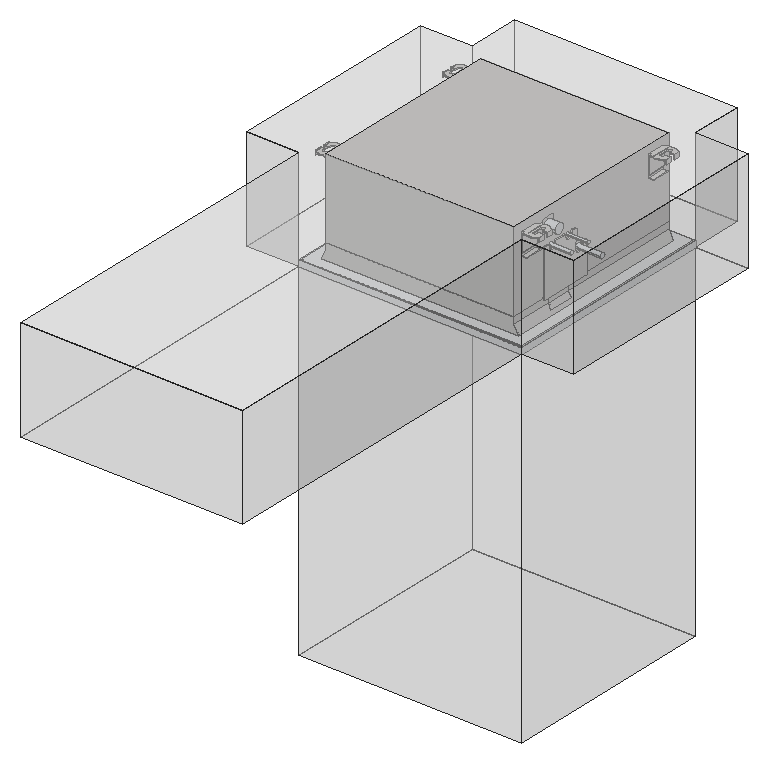
Revit family "outputfile", category 機械設備, Revit 2024
Family settings
  丸型コネクタ寸法 = 半径を使用
  種別 = なし
  パーツ タイプ = 標準
  OmniClass 番号 = 23.75.10.24.21.27.27
  OmniClass タイトル = Split System Air Conditioning Units
  作業面ベース = いいえ
  常に垂直 = はい
  ロード時にボイドで切り取り = いいえ
  注釈の向きを維持 = いいえ
  共有 = いいえ
  部屋計算ポイント = はい
Parameters (values of type "FPECQ20AVM")
  書き出し IFC クラス(タイプ) = "IfcUnitaryEquipmentType"
  定義済み IFC タイプ(タイプ) = "AIRCONDITIONINGUNIT"
  r_HP/LP Gas Pipe Size = [HP/LP Gas Pipe Size] / 2  # 4.75 mm
  製造元 = "Daikin"
  モデル = "FPECQ20AVM"
  w_power = 270.0 mm
  w_HP/LP Gas Pipe Size = 334.0 mm
  w_gaspipe = 344.0 mm
  w_drainpipe = 303.0 mm
  w_liquidpipe = 334.0 mm
  r_OAduct = 75.0 mm
  r_Liquid Pipe Size = Liquid Pipe Size / 2  # 3.2 mm
  r_Gas Pipe Size = Gas Pipe Size / 2  # 6.35 mm
  r_Drain Pipe Size = Drain Pipe Size / 2  # 13.0 mm
  lw_OA = (Width - 295.0 mm) / 2  # 172.5 mm
  lh_liquidpipe = 176.0 mm
  lh_HP/LP Gas Pipe Size = 176.0 mm
  lh_OA = 220.0 mm
  ld_HP/LP Gas Pipe Size = 150.0 mm
  ld_OA = 100.0 mm
  Voltage_comment_60Hz = "220-230"
  Voltage_comment_50Hz = "220 - 240"
  Voltage_60Hz = 220 V
  Voltage_50Hz = 230 V
  Phase_60Hz = 1
  Phase_50Hz = 1
  Minimum Circuit Amps_60Hz = 0.6 A
  Minimum Circuit Amps_50Hz = 0.6 A
  Maximum Fuse Amps_60Hz = 16.0 A
  Maximum Fuse Amps_50Hz = 16.0 A
  Material_Casing = DAIKIN_GalvanizedSteel_Casing_indoorunit
  lw_drainpipe = 50.0 mm
  lw_connection = 75.0 mm
  lh_powersuply = 27.0 mm
  lh_drainpipe = 230.0 mm
  lh_gaspipe = 129.0 mm
  ld_powersuply = 100.0 mm
  ld_liquidpipe = 90.0 mm
  ld_gaspipe = 53.0 mm
  ld_drainpipe = 157.0 mm
  h_mountinghole = 254.0 mm
  h_casing = 275.0 mm
  h_antenna = h_casing - h_mountinghole + 1.0 mm  # 22.0 mm
  d_mountinghole = 456.0 mm
  Width = 640.0 mm
  w_mountinghole = 603.0 mm
  w_branch duct connection = if(Width = 1070.0 mm, 360.0 mm, 615.0 mm)  # 615.0 mm
  w_block = if(Width = 1285.0 mm, 36.5 mm, 36.0 mm)  # 36.0 mm
  Version = "ver.1.0"
  Unit Type = "Moisture Closet Cassette"
  Unit Mass Weight = 18.00 kg
  Unit Designation [instance] = ""
  Uniclass2015Version = "Products v1.30"
  Uniclass2015Title = "Variable refrigerant flow units"
  Uniclass2015Code = "Pr_70_65_03_94"
  Total Cooling Capacity [instance] = 0.000 kW
  Sound Pressure Level_M speed (dBA) = 34
  Sound Pressure Level_L speed (dBA) = 25
  Sound Pressure Level_H speed (dBA) = 42
  Series = "VRV HOME_Fan Coil Unit"
  Sensible Cooling Capacity [instance] = 0.000 kW
  Refrigerant Type = "R410A"
  r_branch duct connection = if(Width = 1070.0 mm, 154.5 mm, 262.5 mm)  # 262.5 mm
  Power Input (Cooling) = 0.054 kW
  Option Accessory 3 [instance] = ""
  Option Accessory 2 [instance] = ""
  Option Accessory 1 [instance] = ""
  Nominal Cooling Capacity = 2.000 kW
  Minimum Airflow = 180.00 m³/h
  Median Airflow = 300.00 m³/h
  Maximum Airflow = 420.00 m³/h
  Load Classification = HVAC
  Liquid Pipe Size = 6.4 mm
  Link_Nested Family [instance] = ""
  l_branch duct connection = if(Width = 1070.0 mm, 282.5 mm, 374.5 mm)  # 374.5 mm
  IfcVersion = ""
  IfcExportType = "AIRCONDITIONINGUNIT"
  IfcExportAs = "IfcUnitaryEquipmentType"
  Height = 295.0 mm
  Heat Exchanger Type = "Cross Fin Coil"
  HP/LP Gas Pipe Size = 9.5 mm
  Gas Pipe Size = 12.7 mm
  Frequency_60Hz = 60 Hz
  Frequency_50Hz = 50 Hz
  Fan Type = "Sirocco Fan"
  Fan Drive = "Direct Drive"
  FCU Tag No. [instance] = ""
  Drain Pipe Size = 26.0 mm
  Design Supply Airflow [instance] = 0.00 m³/h
  Design Outdoor Airflow [instance] = 0.00 m³/h
  Depth = 625.0 mm
  既定の高さ = 0.0 mm
  Cooling Entering Wet Bulb Temperature [instance] = 0.00 °C
  Cooling Entering Dry Bulb Temperature [instance] = 0.00 °C
  Cooling Ambient Wet Bulb Temperature [instance] = 0.00 °C
  Cooling Ambient Dry Bulb Temperature [instance] = 0.00 °C
  Clearance visibility [instance] = yes
  Clearance Top = 0.0 mm
  Clearance Right = 150.0 mm
  Clearance Rear = 150.0 mm
  Clearance Left = 150.0 mm
  Clearance Front = 1000.0 mm
  Clearance Bottom = 1000.0 mm
  switch_Branch duct connection2 visibility = Width = 1740.0 mm  # no
  switch_Branch duct connection1 visibility = or((Width = 1070.0 mm), (Width = 1285.0 mm))  # no
Reference planes
  plane 1 "Center (Front/Back)": y = 0
  plane 2 "ceiling plane": z = 0
  plane 3 "Center (Left/Right)": x = 0
  plane 4 "Back": y = 312.5
  plane 5 "Front": y = -312.5
  plane 6 "Left": x = -320
  plane 7 "Right": x = 320
  plane 8 "Top": z = 275
  plane 9 "Bottom": z = -20
  plane 10: z = 45
  plane 11: z = 275
  plane 12: x = -301.5
  plane 13: x = 301.5
  plane 14: y = 228
  plane 15: y = -228
  plane 16: z = 254
  plane 17: x = 303
  plane 18: x = 334
  plane 19: y = -100
  plane 20 "Clearance Rear": y = 462.5
  plane 21 "Clearance Front": y = -1312.5
  plane 22 "Clearance Left": x = -470
  plane 23 "Clearance Right": x = 470
  plane 24 "Clearance Top": z = 275
  plane 25 "Clearance Bottom": z = -1000
  plane 26: y = -90
  plane 27: y = -53
  plane 28: y = -157
  plane 29: z = 27
  plane 30: z = 129
  plane 31: z = 230
  plane 32: z = 220
  plane 33: x = 160
  plane 34: y = -260
  plane 35: z = 176
  plane 36: y = -150
  plane 37: x = 344
Forms (mm)
  Extrusion 1, solid, material "DAIKIN_GalvanizedSteel_Casing_indoorunit" <- "Material_Casing"
    sketch origin (0, 0, 0) x (1, 0, 0) y (0, 1, 0)
      loop
        line (-270, 277.5) -> (-270, -277.5) -> (270, -277.5) -> (270, 277.5) -> (-270, 277.5)
    from 45 to 275
  Extrusion 2, solid
    sketch origin (0, 0, 0) x (0, 1, 0) y (0, 0, 1)
      loop
        circle (-90, 176) r 3.2
    from 270 to 334
  Extrusion 3, solid
    sketch origin (0, 0, 0) x (0, 1, 0) y (0, 0, 1)
      loop
        circle (-157, 230) r 13
    from 268 to 303
  Extrusion 4, solid
    sketch origin (0, -60, 0) x (0, 1, 0) y (0, 0, 1)
      loop
        circle (-90, 176) r 4.75
    from 270 to 334 <- "w_HP/LP Gas Pipe Size"
  Extrusion 5, solid
    sketch origin (0, 0, 0) x (0, 1, 0) y (0, 0, 1)
      loop
        circle (-53, 129) r 6.35
    from 270 to 344
  Extrusion 6, solid, material "DAIKIN_GalvanizedSteel_Casing_indoorunit" <- "Material_Casing"
    sketch origin (0, 0, 0) x (0, 1, 0) y (0, 0, 1)
      loop
        line (-173.357, 45.701) -> (-27.704, 45.701)
        arc (-27.704, 45.701) -> (-25.633, 46.606) -> (-24.781, 48.7) r 3
        line (-24.781, 48.7) -> (-24.781, 130.81)
        arc (-24.781, 130.81) -> (-25.66, 132.931) -> (-27.781, 133.81) r 3
        line (-27.781, 133.81) -> (-35.219, 133.81)
        arc (-35.219, 133.81) -> (-37.34, 132.931) -> (-38.219, 130.81) r 3
        line (-38.219, 130.81) -> (-38.219, 129)
        arc (-38.219, 129) -> (-53, 114.219) -> (-67.781, 129) r 14.781
        line (-67.781, 129) -> (-67.781, 144.567)
        arc (-67.781, 144.567) -> (-67.553, 145.715) -> (-66.903, 146.689) r 3
        line (-66.903, 146.689) -> (-63.66, 150.321)
        arc (-63.66, 150.321) -> (-63.01, 151.295) -> (-62.781, 152.443) r 3
        line (-62.781, 152.443) -> (-62.781, 177.95)
        arc (-62.781, 177.95) -> (-63.66, 180.071) -> (-65.781, 180.95) r 3
        line (-65.781, 180.95) -> (-73.98, 180.95)
        arc (-73.98, 180.95) -> (-76.102, 180.071) -> (-76.98, 177.95) r 3
        line (-76.98, 177.95) -> (-76.98, 176)
        arc (-76.98, 176) -> (-90, 162.98) -> (-103.02, 176) r 13.02
        line (-103.02, 176) -> (-103.02, 177.95)
        arc (-103.02, 177.95) -> (-103.898, 180.071) -> (-106.02, 180.95) r 3
        line (-106.02, 180.95) -> (-133.996, 180.95)
        arc (-133.996, 180.95) -> (-136.117, 180.071) -> (-136.996, 177.95) r 3
        line (-136.996, 177.95) -> (-136.996, 176)
        arc (-136.996, 176) -> (-150, 162.996) -> (-163.004, 176) r 13.004
        line (-163.004, 176) -> (-163.004, 177.95)
        arc (-163.004, 177.95) -> (-163.883, 180.071) -> (-166.004, 180.95) r 3
        line (-166.004, 180.95) -> (-173.279, 180.95)
        arc (-173.279, 180.95) -> (-175.4, 180.071) -> (-176.279, 177.95) r 3
        line (-176.279, 177.95) -> (-176.279, 48.7)
        arc (-176.279, 48.7) -> (-175.428, 46.607) -> (-173.357, 45.701) r 3
    from 270 to 277
  Extrusion 7, void
    sketch origin (0, 0, 0) x (0, 1, 0) y (0, 0, 1)
      loop
        arc (-136, 246) -> (-137.464, 249.536) -> (-141, 251) r 5
        line (-141, 251) -> (-173, 251)
        arc (-173, 251) -> (-176.536, 249.536) -> (-178, 246) r 5
        line (-178, 246) -> (-178, 214)
        arc (-178, 214) -> (-176.536, 210.464) -> (-173, 209) r 5
        line (-173, 209) -> (-141, 209)
        arc (-141, 209) -> (-137.464, 210.464) -> (-136, 214) r 5
        line (-136, 214) -> (-136, 246)
    from 268 to 270
  Extrusion 8, solid, material "DAIKIN_GalvanizedSteel_Casing_indoorunit" <- "Material_Casing"
    sketch origin (0, 0, 0) x (1, 0, 0) y (0, 0, 1)
      loop
        line (271, 25.995) -> (271, 42) -> (-271, 42) -> (-271, 25.995) -> (-277.526, 12) -> (277.526, 12) -> (271, 25.995)
    from 85 to 155
Cuts and joins
  Extrusion 7 cuts Extrusion 1
Dimensions and locks
  "Width": plane 6 "Left" to plane 7 "Right"
  equal spacing: plane 6 "Left", plane 3 "Center (Left/Right)", plane 7 "Right"
  equal spacing: plane 4 "Back", plane 1 "Center (Front/Back)", plane 5 "Front"
  "Depth": plane 4 "Back" to plane 5 "Front"
  plane 11 to plane 10 = 230.0 mm
  equal spacing: plane 12, plane 3 "Center (Left/Right)", plane 13
  "w_mountinghole": plane 12 to plane 13
  equal spacing: plane 15, plane 1 "Center (Front/Back)", plane 14
  "d_mountinghole": plane 15 to plane 14
  "h_mountinghole": plane 16 to level
  "lh_liquidpipe": Extrusion 2 sketch curve to level
  "Clearance Left": plane 22 "Clearance Left" to plane 6 "Left"
  "Clearance Right": plane 7 "Right" to plane 23 "Clearance Right"
  "Clearance Front": plane 5 "Front" to plane 21 "Clearance Front"
  "Clearance Rear": plane 20 "Clearance Rear" to plane 4 "Back"
  "Clearance Top": plane 24 "Clearance Top" to plane 11
  "Clearance Bottom": level to plane 25 "Clearance Bottom"
  "ld_powersuply": plane 19 to plane 1 "Center (Front/Back)"
  "ld_liquidpipe": plane 26 to plane 1 "Center (Front/Back)"
  "ld_gaspipe": plane 27 to plane 1 "Center (Front/Back)"
  "ld_drainpipe": plane 28 to plane 1 "Center (Front/Back)"
  "lh_powersuply": plane 29 to level
  "lh_gaspipe": plane 30 to level
  "lh_drainpipe": plane 31 to level
  "h_casing": plane 11 to level
  "lh_OA": plane 32 to level
  locked: plane 33 to plane 7 "Right" at 160
  locked: plane 5 "Front" to plane 34 at 52.5
  equal spacing: Extrusion 1 sketch curve, plane 3 "Center (Left/Right)", Extrusion 1 sketch curve
  locked: Extrusion 1 sketch curve to Extrusion 1 sketch curve at 540
  equal spacing: Extrusion 1 sketch curve, plane 1 "Center (Front/Back)", Extrusion 1 sketch curve
  locked: Extrusion 1 sketch curve to Extrusion 1 sketch curve at 555
  "lh_liquidpipe": plane 35 to level
  "w_drainpipe": plane 3 "Center (Left/Right)" to plane 17
  "w_liquidpipe": plane 3 "Center (Left/Right)" to plane 18
  "lh_HP/LP Gas Pipe Size": Extrusion 4 sketch curve to level
  "ld_HP/LP Gas Pipe Size": Extrusion 4 sketch curve to plane 1 "Center (Front/Back)"
  "ld_HP/LP Gas Pipe Size": plane 36 to plane 1 "Center (Front/Back)"
  "w_gaspipe": plane 3 "Center (Left/Right)" to plane 37
  locked: plane 10 to level at 45
  "Liquid Pipe Size": diameter of Extrusion 2 sketch curve
  "Drain Pipe Size": diameter of Extrusion 3 sketch curve
  "r_HP/LP Gas Pipe Size": radius of Extrusion 4 sketch curve
  "r_Gas Pipe Size": radius of Extrusion 5 sketch curve
  aligned and locked: level to plane 2 "ceiling plane"
  aligned and locked: Extrusion 1 to plane 10
  aligned and locked: plane 11 to Extrusion 1
  aligned and locked: plane 18 to Extrusion 2
  aligned and locked: plane 17 to Extrusion 3
  aligned and locked: nested 6 to plane 19
  aligned and locked: plane 11 to plane 8 "Top"
  aligned and locked: nested 6 to plane 29
  aligned and locked: nested 7 to plane 26
  aligned and locked: plane 18 to nested 7
  aligned and locked: nested 8 to plane 27
  aligned and locked: nested 9 to plane 28
  aligned and locked: plane 17 to nested 9
  aligned and locked: plane 12 to nested 10
  aligned and locked: plane 14 to nested 10
  aligned and locked: plane 12 to nested 11
  aligned and locked: plane 15 to nested 11
  aligned and locked: plane 13 to nested 12
  aligned and locked: plane 15 to nested 12
  aligned and locked: plane 14 to nested 13
  aligned and locked: plane 13 to nested 13
  aligned and locked: plane 1 "Center (Front/Back)" to nested 15
  aligned and locked: plane 3 "Center (Left/Right)" to nested 15
  aligned and locked: plane 24 "Clearance Top" to nested 15
  aligned and locked: plane 33 to nested 14
  aligned and locked: nested 14 to plane 34
  aligned and locked: level to nested 1
  aligned and locked: plane 3 "Center (Left/Right)" to nested 1
  aligned and locked: plane 1 "Center (Front/Back)" to nested 1
  aligned and locked: plane 14 to nested 2
  aligned and locked: plane 12 to nested 2
  aligned and locked: plane 15 to nested 3
  aligned and locked: plane 12 to nested 3
  aligned and locked: nested 4 to plane 14
  aligned and locked: plane 13 to nested 4
  aligned and locked: nested 5 to plane 15
  aligned and locked: plane 13 to nested 5
  aligned and locked: plane 26 to Extrusion 2 sketch curve
  aligned and locked: plane 28 to Extrusion 3 sketch curve
  aligned and locked: plane 31 to Extrusion 3 sketch curve
  aligned and locked: nested 16 to plane 36
  aligned and locked: plane 18 to Extrusion 4
  aligned and locked: plane 30 to Extrusion 5 sketch curve
  aligned and locked: plane 27 to Extrusion 5 sketch curve
  aligned and locked: plane 37 to Extrusion 5
  aligned and locked: plane 37 to nested 8
  aligned and locked: nested 14 to plane 9 "Bottom"
  aligned and locked: plane 9 "Bottom" to nested 1
  aligned and locked: Extrusion 4 to cut or joined group of Extrusion 1, Extrusion 7
  aligned and locked: Extrusion 2 to cut or joined group of Extrusion 1, Extrusion 7
  aligned and locked: Extrusion 5 to cut or joined group of Extrusion 1, Extrusion 7
  aligned and locked: cut or joined group of Extrusion 1, Extrusion 7 to Extrusion 3
Automatic sketch dimensions
  plane 35 to Extrusion 6 sketch curve = 0.0 mm  (x2)
  Extrusion 6 sketch curve to plane 36 = 0.0 mm
  Extrusion 6 sketch curve to plane 26 = 0.0 mm
  plane 30 to Extrusion 6 sketch curve = 0.0 mm
  Extrusion 6 sketch curve to plane 27 = 0.0 mm
  Extrusion 6 sketch curve to plane 35 = 1.95 mm  (x4)
  plane 28 to Extrusion 6 sketch curve = 6.004 mm
  Extrusion 6 sketch curve to Extrusion 6 sketch curve = 3.0 mm  (x4)
  plane 10 to Extrusion 6 sketch curve = 3.7 mm  (x2)
  plane 28 to Extrusion 6 sketch curve = 16.279 mm
  Extrusion 6 sketch curve to Extrusion 6 sketch curve = 7.275 mm
  plane 10 to Extrusion 6 sketch curve = 0.701 mm  (x2)
  Extrusion 6 sketch curve to Extrusion 6 sketch curve = 0.078 mm  (x2)
  plane 19 to Extrusion 6 sketch curve = 6.02 mm
  plane 19 to Extrusion 6 sketch curve = 3.02 mm
  Extrusion 6 sketch curve to Extrusion 6 sketch curve = 0.879 mm  (x2)
  Extrusion 6 sketch curve to Extrusion 6 sketch curve = 8.199 mm
  Extrusion 6 sketch curve to Extrusion 6 sketch curve = 1.121 mm
  Extrusion 6 sketch curve to Extrusion 6 sketch curve = 2.121 mm  (x2)
  Extrusion 6 sketch curve to plane 30 = 1.81 mm
  Extrusion 6 sketch curve to Extrusion 6 sketch curve = 7.437 mm
  Extrusion 6 sketch curve to plane 27 = 25.219 mm
  Extrusion 6 sketch curve to plane 30 = 15.567 mm
  Extrusion 6 sketch curve to Extrusion 6 sketch curve = 3.633 mm
  plane 32 to Extrusion 7 sketch curve = 6.0 mm  (x2)
  plane 28 to Extrusion 7 sketch curve = 21.0 mm
  Extrusion 7 sketch curve to Extrusion 7 sketch curve = 5.0 mm  (x3)
  Extrusion 7 sketch curve to plane 36 = 9.0 mm
  Extrusion 7 sketch curve to plane 16 = 8.0 mm
  plane 12 to Extrusion 8 sketch curve = 23.974 mm
  Extrusion 8 sketch curve to plane 10 = 3.0 mm
  plane 12 to Extrusion 8 sketch curve = 30.5 mm
  plane 29 to Extrusion 8 sketch curve = 1.005 mm  (x2)
  Extrusion 8 sketch curve to plane 13 = 30.5 mm
  Extrusion 8 sketch curve to Extrusion 8 sketch curve = 6.526 mm
  level to Extrusion 8 sketch curve = 12.0 mm
Nested families
  nested 1: "daikin_round flow_panel" at (0, 0, 0), type "moonlight white"
  nested 2: "daikin_hangerfixture_FPECQ-AVM" at (-270, 228, 254) x (0, -1, 0) z (0, 0, 1), built-in parameter 1001364 <- "h_mountinghole", type "daikin_hangerfixture_FPECQ-AVM"
  nested 3: "daikin_hangerfixture_FPECQ-AVM" at (-270, -228, 254) x (0, -1, 0) z (0, 0, 1), built-in parameter 1001364 <- "h_mountinghole", type "daikin_hangerfixture_FPECQ-AVM"
  nested 4: "daikin_hangerfixture_FPECQ-AVM" at (270, 228, 254) x (0, -1, 0) z (0, 0, 1), built-in parameter 1001364 <- "h_mountinghole", type "daikin_hangerfixture_FPECQ-AVM"
  nested 5: "daikin_hangerfixture_FPECQ-AVM" at (270, -228, 254) x (0, -1, 0) z (0, 0, 1), built-in parameter 1001364 <- "h_mountinghole", type "daikin_hangerfixture_FPECQ-AVM"
  nested 6: "daikin_connector_rotate2" at (0, -100, 27) x (0, 1, 0) z (0, 0, 1), length <- "w_power", type "daikin_connector_rotate2"
    with radius 10.0 mm, length 270.0 mm, angle_vertical 90.00°
  nested 7: "daikin_connector_rotate2" at (0, -90, 176) x (0, 1, 0) z (0, 0, 1), radius <- "r_Liquid Pipe Size", built-in parameter 1001364 <- "lh_liquidpipe", length <- "w_liquidpipe", type "daikin_connector_rotate2"
    with radius 3.2 mm, length 334.0 mm, angle_vertical 90.00°
  nested 8: "daikin_connector_rotate2" at (0, -53, 129) x (0, 1, 0) z (0, 0, 1), radius <- "r_Gas Pipe Size", built-in parameter 1001364 <- "lh_gaspipe", length <- "w_gaspipe", type "daikin_connector_rotate2"
    with radius 6.35 mm, length 344.0 mm, angle_vertical 90.00°
  nested 9: "daikin_connector_rotate2" at (0, -157, 230) x (0, 1, 0) z (0, 0, 1), radius <- "r_Drain Pipe Size", built-in parameter 1001364 <- "lh_drainpipe", length <- "w_drainpipe", type "daikin_connector_rotate2"
    with radius 13.0 mm, length 303.0 mm, angle_vertical 90.00°
  nested 10: "daikin_mountinghole" at (-301.5, 228, 0), l_antenna <- "h_antenna", Link_Nested Family <- "Link_Nested Family", h_mountinghole <- "h_mountinghole", type "daikin_mountinghole"
    with show yes, l_antenna 22.0 mm, h_mountinghole 254.0 mm, Link_Nested Family ""
  nested 11: "daikin_mountinghole" at (-301.5, -228, 0), l_antenna <- "h_antenna", Link_Nested Family <- "Link_Nested Family", h_mountinghole <- "h_mountinghole", type "daikin_mountinghole"
    with show yes, l_antenna 22.0 mm, h_mountinghole 254.0 mm, Link_Nested Family ""
  nested 12: "daikin_mountinghole" at (301.5, -228, 0), l_antenna <- "h_antenna", Link_Nested Family <- "Link_Nested Family", h_mountinghole <- "h_mountinghole", type "daikin_mountinghole"
    with show yes, l_antenna 22.0 mm, h_mountinghole 254.0 mm, Link_Nested Family ""
  nested 13: "daikin_mountinghole" at (301.5, 228, 0), l_antenna <- "h_antenna", Link_Nested Family <- "Link_Nested Family", h_mountinghole <- "h_mountinghole", type "daikin_mountinghole"
    with show yes, l_antenna 22.0 mm, h_mountinghole 254.0 mm, Link_Nested Family ""
  nested 14: "daikin_logo_plane_w40" at (160, -260, -22), type "daikin_logo_plane_w40"
    with show_logo yes
  nested 15: "daikin_clearancespace_cassette" at (0, 0, 127.5), depth_outline <- "Depth", height_outline <- "Height", width_outline <- "Width", depth_front <- "Clearance Front", depth_rear <- "Clearance Rear", height_bottom <- "Clearance Bottom", height_top <- "Clearance Top", width_left <- "Clearance Left", width_right <- "Clearance Right", show <- "Clearance visibility", visible <- "Clearance visibility", Link_Nested Family <- "Link_Nested Family", type "daikin_clearancespace_cassette"
    with width_right 150.0 mm, width_outline 640.0 mm, width_left 150.0 mm, width 1823.963 mm, show yes, height_top 0.0 mm, height_outline 295.0 mm, height_bottom 1000.0 mm, height 1359.762 mm, depth_rear 150.0 mm, depth_outline 625.0 mm, depth_front 1000.0 mm, depth 880.0 mm, Link_Nested Family ""
  nested 16: "daikin_connector_rotate2" at (0, -150, 176) x (0, 1, 0) z (0, 0, 1), built-in parameter 1001364 <- "lh_HP/LP Gas Pipe Size", length <- "w_HP/LP Gas Pipe Size", type "daikin_connector_rotate2"
    with radius 4.8 mm, length 334.0 mm, angle_vertical 90.00°
Connectors
  piping at (334, -90, 176), diameter 6.4, driven by "r_Liquid Pipe Size"
    settings: on nested 7, index 5, connector inside diameter 609.6 mm, connector length 0.0 mm, flow factor 0, pipe flow 0.00 m³/h, pressure drop 0.0 Pa, fitting loss kfactor 0, connector angle 0.00°, fixture units 0, engagement length 0.0 mm, angle of deflection 0.00°, flow configuration 1, flow direction 1, fitting loss method 0, system type 29, joint type 0, gender type 0, connector reference index -1, connector utility 0, adjustable connector no, is connector primary yes, connector description "Refrigerant Liquid Piping"
  piping at (344, -53, 129), diameter 12.7, driven by "r_Gas Pipe Size"
    settings: on nested 8, index 6, connector inside diameter 609.6 mm, connector length 0.0 mm, flow factor 0, pipe flow 0.00 m³/h, pressure drop 0.0 Pa, fitting loss kfactor 0, connector angle 0.00°, fixture units 0, engagement length 0.0 mm, angle of deflection 0.00°, flow configuration 1, flow direction 2, fitting loss method 0, system type 29, joint type 0, gender type 0, connector reference index -1, connector utility 0, adjustable connector no, is connector primary no, connector description "Refrigerant Gas Piping"
  piping at (303, -157, 230), diameter 26, driven by "r_Drain Pipe Size"
    settings: on nested 9, index 7, connector inside diameter 609.6 mm, connector length 0.0 mm, flow factor 0, pipe flow 0.00 m³/h, pressure drop 0.0 Pa, fitting loss kfactor 0, connector angle 0.00°, fixture units 0, engagement length 0.0 mm, angle of deflection 0.00°, flow configuration 1, flow direction 2, fitting loss method 4, system type 16, joint type 0, gender type 0, connector reference index -1, connector utility 0, adjustable connector no, is connector primary no, connector description "Condensate Drain Piping"
  electrical at (270, -100, 27), driven by "Load Classification"
    settings: on nested 6, index 10, voltage 0 V, apparent load 0 VA, apparent load phase1 0 VA, apparent load phase2 0 VA, apparent load phase3 0 VA, power factor 1, load classification "HVAC", number of poles 1, system type 30, power factor state 1, is connector primary yes, connector utility no, sub classification motor no, connector description "Power Supply"
  piping at (334, -150, 176), diameter 9.5, driven by "r_HP/LP Gas Pipe Size"
    settings: on nested 16, index 11, connector inside diameter 609.6 mm, connector length 0.0 mm, flow factor 0, pipe flow 0.00 m³/h, pressure drop 0.0 Pa, fitting loss kfactor 0, connector angle 0.00°, fixture units 0, engagement length 0.0 mm, angle of deflection 0.00°, flow configuration 1, flow direction 0, fitting loss method 0, system type 29, joint type 0, gender type 0, connector reference index -1, connector utility 0, adjustable connector no, is connector primary no, connector description "Refrigerant HP/LP Gas Piping"
Definition of nested family "daikin_round flow_panel"
  Parameters (values of type "fresh white")
    width = 640.0 mm  # constant formula
    w_casing = 564.0 mm  # constant formula
    material_panel = none
    material_casing = none
    height = 65.0 mm
    depth = 625.0 mm  # constant formula
    d_casing = 555.0 mm  # constant formula
    W = 640.0 mm
    Default Elevation = 0.0 mm
  Reference planes
    plane 1 "Center (Front/Back)": y = 0
    plane 2: z = 0
    plane 3 "Center (Left/Right)": x = 0
    plane 4: y = 312.5
    plane 5: y = -312.5
    plane 6: x = -320
    plane 7: x = 320
    plane 8 "Bottom": z = -20
    plane 9: y = 277.5
    plane 10: y = -277.5
    plane 11: x = -282
    plane 12: x = 282
    plane 13: z = 45
    plane 14: x = -300
    plane 15: x = 300
    plane 16: z = -2
  Forms (mm)
    Extrusion 1, solid, material <- "material_casing"
      sketch origin (0, 0, 0) x (1, 0, 0) y (0, 0, 1)
        loop
          line (270, 25.774) -> (270, 45) -> (-270, 45) -> (-270, 25.774) -> (-282.018, 0) -> (282.018, 0) -> (270, 25.774)
      from -277.5 to 277.5
    Extrusion 2, solid, material <- "material_panel"
      sketch origin (0, 0, 0) x (1, 0, 0) y (0, 0, 1)
        loop
          line (-317.01, 0) -> (-317.01, -2) -> (317.01, -2) -> (317.01, 0) -> (-317.01, 0)
      from -309.5 to 309.5
    Extrusion 3, solid, material <- "material_panel"
      sketch origin (0, 0, 0) x (1, 0, 0) y (0, 0, 1)
        loop
          line (-320, -2) -> (-320, -20) -> (320, -20) -> (320, -2) -> (-320, -2)
      from -312.5 to 312.5
    Extrusion 4, void
      sketch origin (-993.619, -1524, -20) x (0, -1, 0) y (-1, 0, 0)
        loop
          line (-1296, -757.819) -> (-1296, -1229.419) -> (-1246.5, -1229.419) -> (-1246.5, -757.819) -> (-1296, -757.819)
        loop
          line (-1801.5, -692.119) -> (-1801.5, -1295.119) -> (-1535.3, -1295.119) -> (-1535.3, -692.119) -> (-1801.5, -692.119)
      from 0 to -1
    Extrusion 5, solid, material <- "material_panel"
      sketch origin (-993.619, -1524, -20) x (-1, 0, 0) y (0, -1, 0)
        loop
          line (-757.819, -1296) -> (-757.819, -1246.5) -> (-1072.219, -1246.5) -> (-1072.219, -1296) -> (-757.819, -1296)
      from 0 to 1
    Extrusion 6, solid, material <- "material_panel"
      sketch origin (-993.619, -1524, -20) x (-1, 0, 0) y (0, -1, 0)
        loop
          line (-1072.219, -1296) -> (-1072.219, -1246.5) -> (-1229.419, -1246.5) -> (-1229.419, -1296) -> (-1072.219, -1296)
      from 0 to 1
    Extrusion 7, solid, material <- "material_panel"
      sketch origin (-993.619, -1524, -20) x (-1, 0, 0) y (0, -1, 0)
        loop
          line (-750.169, -1801.5) -> (-750.169, -1535.3) -> (-752.169, -1535.3) -> (-752.169, -1801.5) -> (-750.169, -1801.5)
        loop
          line (-818.744, -1535.3) -> (-823.744, -1535.3) -> (-823.744, -1801.5) -> (-818.744, -1801.5) -> (-818.744, -1535.3)
        loop
          line (-888.819, -1801.5) -> (-888.819, -1535.3) -> (-893.819, -1535.3) -> (-893.819, -1801.5) -> (-888.819, -1801.5)
        loop
          line (-991.119, -1801.5) -> (-991.119, -1535.3) -> (-996.119, -1535.3) -> (-996.119, -1801.5) -> (-991.119, -1801.5)
        loop
          line (-1093.419, -1801.5) -> (-1093.419, -1535.3) -> (-1098.419, -1535.3) -> (-1098.419, -1801.5) -> (-1093.419, -1801.5)
        loop
          line (-1163.494, -1535.3) -> (-1168.494, -1535.3) -> (-1168.494, -1801.5) -> (-1163.494, -1801.5) -> (-1163.494, -1535.3)
        loop
          line (-1235.069, -1801.5) -> (-1235.069, -1535.3) -> (-1237.069, -1535.3) -> (-1237.069, -1801.5) -> (-1235.069, -1801.5)
      from 0 to 1
    Extrusion 8, solid, material <- "material_panel"
      sketch origin (-993.619, -1524, -20) x (-1, 0, 0) y (0, -1, 0)
        loop
          line (-692.119, -1789.9) -> (-692.119, -1788.9) -> (-1295.119, -1788.9) -> (-1295.119, -1789.9) -> (-692.119, -1789.9)
        loop
          line (-692.119, -1777.8) -> (-692.119, -1776.8) -> (-1295.119, -1776.8) -> (-1295.119, -1777.8) -> (-692.119, -1777.8)
        loop
          line (-692.119, -1765.7) -> (-692.119, -1764.7) -> (-1295.119, -1764.7) -> (-1295.119, -1765.7) -> (-692.119, -1765.7)
        loop
          line (-692.119, -1753.6) -> (-692.119, -1752.6) -> (-1295.119, -1752.6) -> (-1295.119, -1753.6) -> (-692.119, -1753.6)
        loop
          line (-692.119, -1741.5) -> (-692.119, -1740.5) -> (-1295.119, -1740.5) -> (-1295.119, -1741.5) -> (-692.119, -1741.5)
        loop
          line (-692.119, -1729.4) -> (-692.119, -1728.4) -> (-1295.119, -1728.4) -> (-1295.119, -1729.4) -> (-692.119, -1729.4)
        loop
          line (-692.119, -1717.3) -> (-692.119, -1716.3) -> (-1295.119, -1716.3) -> (-1295.119, -1717.3) -> (-692.119, -1717.3)
        loop
          line (-692.119, -1705.2) -> (-692.119, -1704.2) -> (-1295.119, -1704.2) -> (-1295.119, -1705.2) -> (-692.119, -1705.2)
        loop
          line (-692.119, -1693.1) -> (-692.119, -1692.1) -> (-1295.119, -1692.1) -> (-1295.119, -1693.1) -> (-692.119, -1693.1)
        loop
          line (-692.119, -1681) -> (-692.119, -1680) -> (-1295.119, -1680) -> (-1295.119, -1681) -> (-692.119, -1681)
        loop
          line (-692.119, -1668.9) -> (-692.119, -1667.9) -> (-1295.119, -1667.9) -> (-1295.119, -1668.9) -> (-692.119, -1668.9)
        loop
          line (-692.119, -1656.8) -> (-692.119, -1655.8) -> (-1295.119, -1655.8) -> (-1295.119, -1656.8) -> (-692.119, -1656.8)
        loop
          line (-692.119, -1644.7) -> (-692.119, -1643.7) -> (-1295.119, -1643.7) -> (-1295.119, -1644.7) -> (-692.119, -1644.7)
        loop
          line (-692.119, -1632.6) -> (-692.119, -1631.6) -> (-1295.119, -1631.6) -> (-1295.119, -1632.6) -> (-692.119, -1632.6)
        loop
          line (-692.119, -1620.5) -> (-692.119, -1619.5) -> (-1295.119, -1619.5) -> (-1295.119, -1620.5) -> (-692.119, -1620.5)
        loop
          line (-692.119, -1608.4) -> (-692.119, -1607.4) -> (-1295.119, -1607.4) -> (-1295.119, -1608.4) -> (-692.119, -1608.4)
        loop
          line (-692.119, -1596.3) -> (-692.119, -1595.3) -> (-1295.119, -1595.3) -> (-1295.119, -1596.3) -> (-692.119, -1596.3)
        loop
          line (-692.119, -1584.2) -> (-692.119, -1583.2) -> (-1295.119, -1583.2) -> (-1295.119, -1584.2) -> (-692.119, -1584.2)
        loop
          line (-692.119, -1572.1) -> (-692.119, -1571.1) -> (-1295.119, -1571.1) -> (-1295.119, -1572.1) -> (-692.119, -1572.1)
        loop
          line (-692.119, -1560) -> (-692.119, -1559) -> (-1295.119, -1559) -> (-1295.119, -1560) -> (-692.119, -1560)
        loop
          line (-692.119, -1547.9) -> (-692.119, -1546.9) -> (-1295.119, -1546.9) -> (-1295.119, -1547.9) -> (-692.119, -1547.9)
      from 0 to 1
  Cuts and joins
    Extrusion 4 cuts Extrusion 1
    Extrusion 4 cuts Extrusion 2
    Extrusion 4 cuts Extrusion 3
    joined: Extrusion 7, Extrusion 8
  Dimensions and locks
    "width": plane 6 to plane 7
    "depth": plane 4 to plane 5
    equal spacing: plane 6, plane 3 "Center (Left/Right)", plane 7
    equal spacing: plane 4, plane 1 "Center (Front/Back)", plane 5
    equal spacing: plane 9, plane 1 "Center (Front/Back)", plane 10
    "d_casing": plane 9 to plane 10
    equal spacing: plane 11, plane 3 "Center (Left/Right)", plane 12
    "w_casing": plane 11 to plane 12
    "height": plane 13 to plane 8 "Bottom"
    locked: level to plane 8 "Bottom" at 20
    locked: plane 6 to plane 14 at 20
    locked: plane 15 to plane 7 at 20
    plane 3 "Center (Left/Right)" to Extrusion 1 sketch curve = 282.018 mm
    Extrusion 1 sketch curve to plane 3 "Center (Left/Right)" = 282.018 mm
    plane 3 "Center (Left/Right)" to Extrusion 2 sketch curve = 317.01 mm
    Extrusion 2 sketch curve to plane 3 "Center (Left/Right)" = 317.01 mm
    locked: level to plane 16 at 2
    plane 10 to Extrusion 4 sketch curve = 49.5 mm
    Extrusion 4 sketch curve to plane 3 "Center (Left/Right)" to Extrusion 4 sketch curve = 235.8 mm locked, 235.8 mm locked
    plane 1 "Center (Front/Back)" to Extrusion 4 sketch curve to Extrusion 4 sketch curve = 11.3 mm locked, 266.2 mm locked
    Extrusion 4 sketch curve to plane 3 "Center (Left/Right)" to Extrusion 4 sketch curve = 301.5 mm locked, 301.5 mm locked
    locked: Extrusion 5 sketch curve to plane 10 at 49.5
    Extrusion 5 sketch curve to plane 3 "Center (Left/Right)" to Extrusion 5 sketch curve = 235.8 mm locked, 78.6 mm locked
    locked: plane 3 "Center (Left/Right)" to Extrusion 6 sketch curve at 235.8
    Extrusion 7 sketch curve to Extrusion 7 sketch curve to Extrusion 7 sketch curve to Extrusion 7 sketch curve to Extrusion 7 sketch curve to Extrusion 7 sketch curve to Extrusion 7 sketch curve to Extrusion 7 sketch curve to Extrusion 7 sketch curve to Extrusion 7 sketch curve to Extrusion 7 sketch curve to Extrusion 7 sketch curve to Extrusion 7 sketch curve to Extrusion 7 sketch curve = 2.0 mm locked, 66.575 mm locked, 5.0 mm locked, 65.075 mm locked, 5.0 mm locked, 97.3 mm locked, 5.0 mm locked, 97.3 mm locked, 5.0 mm locked, 65.075 mm locked, 5.0 mm locked, 66.575 mm locked, 2.0 mm locked
    aligned and locked: level to plane 2
    aligned and locked: level to Extrusion 1 sketch curve
    aligned and locked: Extrusion 2 to plane 16
    aligned and locked: plane 10 to Extrusion 4 sketch curve
    aligned and locked: plane 10 to Extrusion 5 sketch curve
    aligned and locked: Extrusion 6 sketch curve to Extrusion 5  (x2)
    aligned and locked: plane 10 to Extrusion 6 sketch curve
  Automatic sketch dimensions
    Extrusion 2 sketch curve to level = 0.0 mm
    Extrusion 2 sketch curve to level = 2.0 mm
    Extrusion 3 sketch curve to plane 6 = 0.0 mm
    Extrusion 3 sketch curve to plane 7 = 0.0 mm
    Extrusion 3 sketch curve to plane 8 "Bottom" = 0.0 mm
    Extrusion 3 sketch curve to plane 16 = 0.0 mm
    Extrusion 7 sketch curve to plane 9 = 0.0 mm  (x7)
    Extrusion 7 sketch curve to plane 12 = 38.55 mm
    Extrusion 7 sketch curve to plane 1 "Center (Front/Back)" = 11.3 mm  (x7)
    plane 15 to Extrusion 8 sketch curve = 1.5 mm  (x21)
    Extrusion 8 sketch curve to plane 14 = 1.5 mm  (x21)
    Extrusion 8 sketch curve to plane 9 = 11.6 mm
    Extrusion 8 sketch curve to Extrusion 8 sketch curve = 1.0 mm  (x21)
    Extrusion 8 sketch curve to Extrusion 8 sketch curve = 11.1 mm  (x20)
    Extrusion 1 sketch curve to plane 13 = 0.0 mm
    plane 11 to Extrusion 1 sketch curve = 12.0 mm
    Extrusion 1 sketch curve to plane 12 = 12.0 mm
    Extrusion 1 sketch curve to plane 13 = 19.226 mm
    Extrusion 1 sketch curve to Extrusion 1 sketch curve = 19.226 mm
Definition of nested family "daikin_hangerfixture_FPECQ-AVM"
  Parameters (values of type "daikin_hangerfixture_FXCQ-BVM")
    width = 76.0 mm
    material = none
    height = 152.0 mm
    depth = 45.0 mm
    Default Elevation = 0.0 mm
  Reference planes
    plane 1 "Center (Front/Back)": y = 0
    plane 2: z = 0
    plane 3 "Center (Left/Right)": x = 0
    plane 4: y = 417.146
    plane 5: z = -1.6
    plane 6: z = -152
    plane 7: y = -2.5
    plane 8: z = -12
    plane 9: y = -45
    plane 10: x = -38
    plane 11: x = 38
    plane 12: y = -31.5
  Forms (mm)
    Extrusion 1, solid, material <- "material"
      sketch origin (0, 0, 0) x (1, 0, 0) y (0, 1, 0)
        loop
          line (-12.5, -25.5) -> (12.5, -25.5)
          arc (12.5, -25.5) -> (18.5, -31.5) -> (12.5, -37.5) r 6
          line (12.5, -37.5) -> (8.5, -37.5)
          arc (8.5, -37.5) -> (7.086, -38.086) -> (6.5, -39.5) r 2
          line (6.5, -39.5) -> (6.5, -51.1) -> (23, -51.1) -> (23, -49.5)
          arc (23, -49.5) -> (29.653, -40.04) -> (32, -28.715) r 28.5
          line (32, -28.715) -> (32, -14.872)
          arc (32, -14.872) -> (31.833, -14.073) -> (31.361, -13.407) r 2
          line (31.361, -13.407) -> (25.639, -8.093)
          arc (25.639, -8.093) -> (25.167, -7.427) -> (25, -6.628) r 2
          line (25, -6.628) -> (25, 0) -> (-25, 0) -> (-25, -6.628)
          arc (-25, -6.628) -> (-25.167, -7.427) -> (-25.639, -8.093) r 2
          line (-25.639, -8.093) -> (-31.361, -13.407)
          arc (-31.361, -13.407) -> (-31.833, -14.073) -> (-32, -14.872) r 2
          line (-32, -14.872) -> (-32, -28.715)
          arc (-32, -28.715) -> (-29.653, -40.04) -> (-23, -49.5) r 28.5
          line (-23, -49.5) -> (-23, -51.1) -> (-6.5, -51.1) -> (-6.5, -39.5)
          arc (-6.5, -39.5) -> (-7.086, -38.086) -> (-8.5, -37.5) r 2
          line (-8.5, -37.5) -> (-12.5, -37.5)
          arc (-12.5, -37.5) -> (-18.5, -31.5) -> (-12.5, -25.5) r 6
      from 0 to -1.6
    Extrusion 2, solid, material <- "material"
      sketch origin (0, 0, 0) x (1, 0, 0) y (0, 1, 0)
        loop
          line (-23, -49.5) -> (-23, -51.1) -> (-6.5, -51.1) -> (-6.5, -49.5) -> (-23, -49.5)
        loop
          line (6.5, -49.5) -> (6.5, -51.1) -> (23, -51.1) -> (23, -49.5) -> (6.5, -49.5)
      from 0 to -11.6
    Extrusion 3, solid, material <- "material"
      sketch origin (0, 0, 0) x (0, 1, 0) y (0, 0, 1)
        loop
          line (-14, -4.6) -> (-4.6, -4.6) -> (-4.6, -53.6) -> (-1.6, -56.601) -> (-1.6, -62) -> (-17, -62) -> (-17, -63.6) -> (0, -63.6) -> (0, -1.6) -> (-17.001, -1.6) -> (-14, -4.6)
      from -25 to 25
  Cuts and joins
    joined: Extrusion 1, Extrusion 2, Extrusion 3
  Dimensions and locks
    plane 2 to plane 5 = 1.6 mm
    "height": plane 2 to plane 6
    plane 7 to plane 1 "Center (Front/Back)" = 2.5 mm
    locked: plane 2 to plane 8 at 12
    "depth": plane 9 to plane 1 "Center (Front/Back)"
    equal spacing: plane 10, plane 3 "Center (Left/Right)", plane 11
    "width": plane 10 to plane 11
    aligned and locked: level to plane 2
    aligned and locked: Extrusion 1 to plane 5
    aligned and locked: plane 2 to Extrusion 1
  Automatic sketch dimensions
    plane 1 "Center (Front/Back)" to Extrusion 1 sketch curve = 0.0 mm
    plane 10 to Extrusion 1 sketch curve = 6.0 mm
    Extrusion 1 sketch curve to Extrusion 1 sketch curve = 0.639 mm  (x3)
    Extrusion 1 sketch curve to Extrusion 1 sketch curve = 2.0 mm  (x4)
    Extrusion 1 sketch curve to Extrusion 1 sketch curve = 4.361 mm
    Extrusion 1 sketch curve to plane 7 = 5.593 mm  (x2)
    Extrusion 1 sketch curve to Extrusion 1 sketch curve = 1.361 mm  (x2)
    Extrusion 1 sketch curve to plane 9 = 6.1 mm  (x2)
    Extrusion 1 sketch curve to plane 3 "Center (Left/Right)" = 23.0 mm
    plane 9 to Extrusion 1 sketch curve = 7.5 mm
    Extrusion 1 sketch curve to plane 3 "Center (Left/Right)" = 12.5 mm
    Extrusion 1 sketch curve to Extrusion 1 sketch curve = 4.0 mm  (x2)
    Extrusion 1 sketch curve to plane 3 "Center (Left/Right)" = 3.5 mm
    plane 3 "Center (Left/Right)" to Extrusion 1 sketch curve = 3.5 mm
    plane 3 "Center (Left/Right)" to Extrusion 1 sketch curve = 6.5 mm
    Extrusion 1 sketch curve to plane 11 = 15.0 mm
    Extrusion 1 sketch curve to plane 7 = 4.128 mm
    Extrusion 1 sketch curve to plane 11 = 13.0 mm
    Extrusion 1 sketch curve to plane 11 = 8.0 mm
    Extrusion 1 sketch curve to Extrusion 1 sketch curve = 1.6 mm  (x2)
    plane 9 to Extrusion 1 sketch curve = 5.5 mm
    Extrusion 1 sketch curve to Extrusion 1 sketch curve = 6.0 mm
    Extrusion 1 sketch curve to Extrusion 1 sketch curve = 6.779 mm  (x2)
    Extrusion 2 sketch curve to plane 9 = 6.1 mm
    plane 10 to Extrusion 2 sketch curve = 15.0 mm
    Extrusion 2 sketch curve to plane 3 "Center (Left/Right)" = 6.5 mm
    plane 3 "Center (Left/Right)" to Extrusion 2 sketch curve = 6.5 mm
    Extrusion 2 sketch curve to plane 9 = 4.5 mm
    Extrusion 2 sketch curve to plane 11 = 15.0 mm
    Extrusion 2 sketch curve to Extrusion 2 sketch curve = 1.6 mm  (x2)
    Extrusion 3 sketch curve to plane 5 = 0.0 mm
    Extrusion 3 sketch curve to plane 5 = 3.0 mm
    Extrusion 3 sketch curve to plane 7 = 14.501 mm
    Extrusion 3 sketch curve to Extrusion 3 sketch curve = 3.001 mm  (x2)
    Extrusion 3 sketch curve to plane 7 = 2.1 mm
    Extrusion 3 sketch curve to plane 8 = 41.6 mm
    plane 7 to Extrusion 3 sketch curve = 0.9 mm
    Extrusion 3 sketch curve to Extrusion 3 sketch curve = 5.399 mm
    Extrusion 3 sketch curve to plane 7 = 14.5 mm
    Extrusion 3 sketch curve to plane 1 "Center (Front/Back)" = 0.0 mm
    Extrusion 3 sketch curve to Extrusion 3 sketch curve = 1.6 mm
Definition of nested family "daikin_logo_plane_w40"
  Parameters (values of type "daikin_logo_plane_w40")
    width = 40.0 mm
    show_logo [instance] = yes
    material = none
    height = 0.0 mm
    depth = 0.0 mm
    Default Elevation = 0.0 mm
  Reference planes
    plane 1 "Center (Front/Back)": y = 0
    plane 2: z = 0
    plane 3 "Center (Left/Right)": x = 0
    plane 4: z = 2
    plane 5 "left": x = -19
    plane 6: x = 19
  Forms (mm)
    Extrusion 1, solid, visible <- "show_logo"
      sketch origin (-19, 0, 0) x (1, 0, 0) y (0, 1, 0)
        loop
          line (8.902, -1.878) -> (7.789, -6.332) -> (11.13, -6.332)
          arc (11.13, -6.332) -> (12.454, -6.064) -> (13.472, -5.176) r 2.642
          arc (13.472, -5.176) -> (13.92, -4.02) -> (13.767, -2.79) r 2.537
          arc (13.767, -2.79) -> (13.452, -2.342) -> (12.982, -2.06) r 1.321
          arc (12.982, -2.06) -> (12.063, -1.902) -> (11.13, -1.878) r 6.479
          line (11.13, -1.878) -> (8.902, -1.878)
        loop
          line (10.016, -5.441) -> (10.907, -5.441)
          arc (10.907, -5.441) -> (11.591, -4.983) -> (11.988, -4.261) r 1.742
          spline (11.988, -4.261) -> (12.01, -4.155) -> (12.027, -4.03) -> (12.037, -3.893) -> (12.037, -3.747) -> (12.026, -3.598) -> (12.002, -3.451) -> (11.962, -3.31) -> (11.905, -3.181) -> (11.829, -3.069) -> (11.731, -2.978) -> (11.61, -2.913) -> (11.464, -2.88)
          line (11.464, -2.88) -> (10.573, -2.88) -> (10.016, -5.441)
        loop
          line (13.58, -6.332) -> (14.805, -6.332) -> (15.223, -5.553) -> (16.977, -5.553) -> (17.144, -6.332) -> (19.149, -6.332) -> (18.258, -1.878) -> (16.03, -1.878) -> (13.58, -6.332)
        loop
          line (16.476, -3.214) -> (15.76, -4.551) -> (16.762, -4.551) -> (16.476, -3.214)
        loop
          line (19.705, -6.332) -> (21.599, -6.332) -> (22.712, -1.878) -> (20.819, -1.878) -> (19.705, -6.332)
        loop
          line (22.712, -6.332) -> (24.606, -6.332) -> (24.908, -5.122) -> (25.831, -6.332) -> (28.17, -6.332) -> (26.388, -3.994) -> (28.949, -1.878) -> (26.945, -1.878) -> (25.401, -3.153) -> (25.719, -1.878) -> (23.826, -1.878) -> (22.712, -6.332)
        loop
          line (29.84, -1.878) -> (28.615, -6.332) -> (30.62, -6.332) -> (31.734, -1.878) -> (29.84, -1.878)
        loop
          line (31.734, -6.332) -> (33.07, -6.332) -> (33.7, -3.814) -> (34.518, -6.332) -> (36.745, -6.332) -> (37.859, -1.878) -> (36.523, -1.878) -> (35.845, -4.589) -> (34.963, -1.878) -> (32.847, -1.878) -> (31.734, -6.332)
      from 0 to 2
    Extrusion 2, solid, visible <- "show_logo"
      sketch origin (-19, 0, 0) x (1, 0, 0) y (0, 1, 0)
        loop
          line (8.7, 0) -> (4.235, 0) -> (0, -3.879) -> (0, -8) -> (8.7, 0)
      from 0 to 2
    Extrusion 3, solid, visible <- "show_logo"
      sketch origin (-19, 0, 0) x (1, 0, 0) y (0, 1, 0)
        loop
          line (0, 0) -> (0, -3.879) -> (4.235, 0) -> (0, 0)
      from 0 to 2
  Dimensions and locks
    plane 4 to plane 2 = 2.0 mm
    equal spacing: plane 5 "left", plane 3 "Center (Left/Right)", plane 6
    locked: plane 5 "left" to plane 6 at 38
    aligned and locked: level to plane 2
    aligned and locked: Extrusion 3 to plane 1 "Center (Front/Back)"  (x2)
    aligned and locked: Extrusion 2 to plane 1 "Center (Front/Back)"  (x2)
    aligned and locked: plane 4 to Extrusion 1
    aligned and locked: plane 4 to Extrusion 3
    aligned and locked: plane 4 to Extrusion 2
    aligned and locked: Extrusion 3 to plane 5 "left"
    aligned and locked: Extrusion 2 to plane 5 "left"
  Automatic sketch dimensions
    Extrusion 1 sketch curve to Extrusion 1 sketch curve = 0.901 mm
    Extrusion 1 sketch curve to Extrusion 1 sketch curve = 1.559 mm
    Extrusion 1 sketch curve to Extrusion 1 sketch curve = 1.327 mm
    Extrusion 1 sketch curve to Extrusion 1 sketch curve = 2.145 mm
    Extrusion 1 sketch curve to Extrusion 1 sketch curve = 1.448 mm
    Extrusion 1 sketch curve to Extrusion 1 sketch curve = 2.116 mm
    Extrusion 1 sketch curve to Extrusion 1 sketch curve = 1.114 mm  (x4)
    Extrusion 1 sketch curve to Extrusion 1 sketch curve = 1.336 mm  (x2)
    plane 1 "Center (Front/Back)" to Extrusion 1 sketch curve = 1.878 mm  (x5)
    Extrusion 1 sketch curve to Extrusion 1 sketch curve = 1.893 mm  (x5)
    Extrusion 1 sketch curve to Extrusion 1 sketch curve = 0.891 mm  (x4)
    Extrusion 1 sketch curve to Extrusion 1 sketch curve = 2.005 mm  (x3)
    Extrusion 1 sketch curve to Extrusion 1 sketch curve = 0.445 mm  (x2)
    plane 1 "Center (Front/Back)" to Extrusion 1 sketch curve = 3.994 mm
    Extrusion 1 sketch curve to Extrusion 1 sketch curve = 0.557 mm  (x2)
    Extrusion 1 sketch curve to Extrusion 1 sketch curve = 2.339 mm  (x2)
    Extrusion 1 sketch curve to Extrusion 1 sketch curve = 1.225 mm  (x3)
    plane 1 "Center (Front/Back)" to Extrusion 1 sketch curve = 3.153 mm
    Extrusion 1 sketch curve to Extrusion 1 sketch curve = 0.987 mm
    plane 1 "Center (Front/Back)" to Extrusion 1 sketch curve = 5.122 mm
    Extrusion 1 sketch curve to Extrusion 1 sketch curve = 0.922 mm
    plane 1 "Center (Front/Back)" to Extrusion 1 sketch curve = 6.332 mm
    Extrusion 1 sketch curve to Extrusion 1 sketch curve = 2.562 mm
    plane 1 "Center (Front/Back)" to Extrusion 1 sketch curve = 5.553 mm
    Extrusion 1 sketch curve to Extrusion 1 sketch curve = 0.167 mm
    Extrusion 1 sketch curve to Extrusion 1 sketch curve = 0.215 mm
    plane 1 "Center (Front/Back)" to Extrusion 1 sketch curve = 3.214 mm
    Extrusion 1 sketch curve to Extrusion 1 sketch curve = 0.286 mm
    plane 1 "Center (Front/Back)" to Extrusion 1 sketch curve = 4.551 mm
    Extrusion 1 sketch curve to Extrusion 1 sketch curve = 1.002 mm
    Extrusion 1 sketch curve to Extrusion 1 sketch curve = 0.537 mm
    Extrusion 1 sketch curve to Extrusion 1 sketch curve = 0.418 mm
    Extrusion 1 sketch curve to Extrusion 1 sketch curve = 1.028 mm
    plane 1 "Center (Front/Back)" to Extrusion 1 sketch curve = 4.261 mm
    Extrusion 1 sketch curve to Extrusion 1 sketch curve = 0.563 mm
    plane 1 "Center (Front/Back)" to Extrusion 1 sketch curve = 2.88 mm
    Extrusion 1 sketch curve to Extrusion 1 sketch curve = 1.088 mm
    Extrusion 1 sketch curve to Extrusion 1 sketch curve = 2.152 mm
    Extrusion 1 sketch curve to Extrusion 1 sketch curve = 0.586 mm
    Extrusion 1 sketch curve to Extrusion 1 sketch curve = 0.118 mm
    Extrusion 1 sketch curve to Extrusion 1 sketch curve = 0.298 mm
    Extrusion 1 sketch curve to Extrusion 1 sketch curve = 0.334 mm
    Extrusion 1 sketch curve to Extrusion 1 sketch curve = 0.223 mm
    Extrusion 1 sketch curve to Extrusion 1 sketch curve = 0.266 mm
    Extrusion 1 sketch curve to Extrusion 1 sketch curve = 1.671 mm
    Extrusion 1 sketch curve to Extrusion 1 sketch curve = 2.227 mm
    Extrusion 1 sketch curve to Extrusion 1 sketch curve = 0.0 mm  (x7)
    Extrusion 1 sketch curve to Extrusion 1 sketch curve = 3.453 mm
    Extrusion 1 sketch curve to Extrusion 1 sketch curve = 2.017 mm
    Extrusion 1 sketch curve to Extrusion 1 sketch curve = 0.78 mm  (x2)
    Extrusion 1 sketch curve to Extrusion 1 sketch curve = 1.743 mm
    Extrusion 1 sketch curve to Extrusion 1 sketch curve = 0.775 mm
    Extrusion 1 sketch curve to Extrusion 1 sketch curve = 0.552 mm
    Extrusion 1 sketch curve to Extrusion 1 sketch curve = 0.014 mm
    Extrusion 1 sketch curve to Extrusion 1 sketch curve = 0.952 mm
    Extrusion 1 sketch curve to Extrusion 1 sketch curve = 1.215 mm
    Extrusion 1 sketch curve to Extrusion 1 sketch curve = 0.108 mm
    plane 1 "Center (Front/Back)" to Extrusion 2 sketch curve = 0.0 mm
    Extrusion 2 sketch curve to plane 3 "Center (Left/Right)" = 19.0 mm
    Extrusion 2 sketch curve to plane 3 "Center (Left/Right)" = 14.765 mm
    Extrusion 2 sketch curve to Extrusion 2 sketch curve = 4.465 mm
    plane 1 "Center (Front/Back)" to Extrusion 2 sketch curve = 3.879 mm
    Extrusion 2 sketch curve to Extrusion 2 sketch curve = 4.12 mm
    plane 1 "Center (Front/Back)" to Extrusion 3 sketch curve = 0.0 mm
    Extrusion 3 sketch curve to plane 3 "Center (Left/Right)" = 19.0 mm
    Extrusion 3 sketch curve to plane 3 "Center (Left/Right)" = 14.765 mm
    plane 1 "Center (Front/Back)" to Extrusion 3 sketch curve = 3.879 mm
    Extrusion 1 sketch curve to plane 3 "Center (Left/Right)" = 11.211 mm
    Extrusion 1 sketch curve to Extrusion 1 sketch curve = 1.782 mm
Definition of nested family "daikin_clearancespace_cassette"
  Parameters (values of type "daikin_clearancespace_cassette")
    Description = "daikin_clearancespace"
    width_right [instance] = 260.0 mm
    width_outline [instance] = 1303.963 mm
    width_left [instance] = 260.0 mm
    width [instance] = 1823.963 mm
    show [instance] = yes
    material = none
    height_top [instance] = 299.643 mm
    height_outline [instance] = 760.238 mm
    height_bottom [instance] = 299.881 mm
    height [instance] = 1359.762 mm
    depth_rear [instance] = 200.0 mm
    depth_outline [instance] = 480.0 mm
    depth_front [instance] = 200.0 mm
    depth [instance] = 880.0 mm
    Default Elevation = 0.0 mm
    Link_Nested Family [instance] = ""
  Reference planes
    plane 1 "Center (Front/Back)": y = 0
    plane 2 "Center (Elevation)": z = -0.119
    plane 3 "Center (Left/Right)": x = 0
    plane 4: y = 440
    plane 5: y = -440
    plane 6 "Right": x = 911.982
    plane 7 "Left": x = -911.982
    plane 8 "Top": z = 679.762
    plane 9 "Bottom": z = -680
    plane 10: y = 240
    plane 11: y = -240
    plane 12 "left_outline": x = -651.982
    plane 13 "right_outline": x = 651.982
    plane 14 "top_outline": z = 380.119
    plane 15 "bottom_outline": z = -380.119
  Forms (mm)
    Extrusion 1, solid, material <- "material", visible <- "show"
      sketch origin (0, 0, 0) x (1, 0, 0) y (0, 1, 0)
        loop
          line (-651.982, 440) -> (-651.982, 240) -> (-911.982, 240) -> (-911.982, -240) -> (-651.982, -240) -> (-651.982, -440) -> (651.982, -440) -> (651.982, -240) -> (911.982, -240) -> (911.982, 240) -> (651.982, 240) -> (651.982, 440) -> (-651.982, 440)
      from -380.119 to 380.119
    Extrusion 2, solid, material <- "material", visible <- "show"
      sketch origin (0, 0, 0) x (1, 0, 0) y (0, 1, 0)
        loop
          line (-651.982, 240) -> (-651.982, -240) -> (651.982, -240) -> (651.982, 240) -> (-651.982, 240)
      from -680 to 679.762
  Cuts and joins
    joined: Extrusion 1, Extrusion 2
  Lines and regions (mm)
    symbolic lines, visible <- "show"
      curve 1: line (651.982, 440, 0) -> (-651.982, 440, 0)
      curve 2: line (-911.982, 240, 0) -> (-911.982, -240, 0)
      curve 3: line (-651.982, -440, 0) -> (651.982, -440, 0)
      curve 4: line (911.982, -240, 0) -> (911.982, 240, 0)
      curve 5: line (-651.982, 0, 380.119) -> (-911.982, 0, 380.119)
      curve 6: line (911.982, 0, -380.119) -> (911.982, 0, 380.119)
      curve 7: line (-911.982, 0, 380.119) -> (-911.982, 0, -380.119)
      curve 8: line (0, 440, 380.119) -> (0, 240, 380.119)
      curve 9: line (0, -440, 380.119) -> (0, -440, -380.119)
      curve 10: line (0, 440, -380.119) -> (0, 440, 380.119)
      curve 11: line (0, 240, -380.119) -> (0, 440, -380.119)
      curve 12: line (-651.982, 240, 0) -> (-911.982, 240, 0)
      curve 13: line (-651.982, 440, 0) -> (-651.982, 240, 0)
      curve 14: line (651.982, 240, 0) -> (651.982, 440, 0)
      curve 15: line (911.982, 240, 0) -> (651.982, 240, 0)
      curve 16: line (651.982, -240, 0) -> (911.982, -240, 0)
      curve 17: line (651.982, -440, 0) -> (651.982, -240, 0)
      curve 18: line (-651.982, -240, 0) -> (-651.982, -440, 0)
      curve 19: line (-911.982, -240, 0) -> (-651.982, -240, 0)
      curve 20: line (651.982, 0, -680) -> (651.982, 0, 679.762)
      curve 21: line (-651.982, 0, 679.762) -> (-651.982, 0, -680)
      curve 22: line (0, -240, 679.762) -> (0, -240, -680)
      curve 23: line (0, 240, -680) -> (0, 240, 679.762)
    symbolic lines
      curve 24: line (-651.982, 0, -680) -> (651.982, 0, -680)
      curve 25: line (-651.982, 0, -380.119) -> (-911.982, 0, -380.119)
      curve 26: line (911.982, 0, -380.119) -> (651.982, 0, -380.119)
      curve 27: line (0, -240, -680) -> (0, 240, -680)
      curve 28: line (0, -440, -380.119) -> (0, -240, -380.119)
      curve 29: line (651.982, 0, 679.762) -> (-651.982, 0, 679.762)
      curve 30: line (0, 240, 679.762) -> (0, -240, 679.762)
      curve 31: line (651.982, 0, 380.119) -> (911.982, 0, 380.119)
      curve 32: line (0, -240, 380.119) -> (0, -440, 380.119)
  Dimensions and locks
    equal spacing: plane 10, plane 1 "Center (Front/Back)", plane 11
    equal spacing: plane 12 "left_outline", plane 3 "Center (Left/Right)", plane 13 "right_outline"
    "width_outline": plane 12 "left_outline" to plane 13 "right_outline"
    "depth_outline": plane 10 to plane 11
    equal spacing: plane 14 "top_outline", level, plane 15 "bottom_outline"
    "height_outline": plane 14 "top_outline" to plane 15 "bottom_outline"
    "height_top": plane 8 "Top" to plane 14 "top_outline"
    "height_bottom": plane 15 "bottom_outline" to plane 9 "Bottom"
    "width_right": plane 13 "right_outline" to plane 6 "Right"
    "width_left": plane 7 "Left" to plane 12 "left_outline"
    "depth_rear": plane 4 to plane 10
    "depth_front": plane 11 to plane 5
    aligned and locked: level to plane 2 "Center (Elevation)"
    aligned and locked: Extrusion 1 sketch curve to plane 4
    aligned and locked: plane 7 "Left" to Extrusion 1 sketch curve
    aligned and locked: Extrusion 1 sketch curve to plane 5
    aligned and locked: Extrusion 1 sketch curve to plane 6 "Right"
    aligned and locked: curve 1 to Extrusion 1
    aligned and locked: curve 2 to Extrusion 1
    aligned and locked: curve 3 to Extrusion 1
    aligned and locked: curve 4 to Extrusion 1
    aligned and locked: curve 6 to Extrusion 1
    aligned and locked: curve 7 to Extrusion 1
    aligned and locked: curve 8 to Extrusion 1
    aligned and locked: curve 9 to Extrusion 1
    aligned and locked: curve 10 to Extrusion 1
    aligned and locked: Extrusion 1 to curve 11
    aligned and locked: Extrusion 1 to plane 11  (x2)
    aligned and locked: plane 13 "right_outline" to Extrusion 1  (x2)
    aligned and locked: Extrusion 1 to plane 12 "left_outline"  (x2)
    aligned and locked: plane 10 to Extrusion 1  (x2)
    aligned and locked: plane 14 "top_outline" to Extrusion 1
    aligned and locked: Extrusion 1 to plane 15 "bottom_outline"
    aligned and locked: plane 14 "top_outline" to curve 5
    aligned and locked: curve 20 to Extrusion 1
    aligned and locked: curve 21 to Extrusion 1
    aligned and locked: curve 22 to Extrusion 1
    aligned and locked: curve 23 to Extrusion 1
    aligned and locked: Extrusion 2 sketch curve to Extrusion 1  (x4)
    aligned and locked: Extrusion 2 to plane 9 "Bottom"
    aligned and locked: curve 24 to cut or joined group of Extrusion 1, Extrusion 2
    aligned and locked: curve 25 to cut or joined group of Extrusion 1, Extrusion 2
    aligned and locked: curve 27 to cut or joined group of Extrusion 1, Extrusion 2
    aligned and locked: curve 28 to cut or joined group of Extrusion 1, Extrusion 2
    aligned and locked: plane 8 "Top" to Extrusion 2
    aligned and locked: curve 29 to cut or joined group of Extrusion 1, Extrusion 2
    aligned and locked: curve 30 to cut or joined group of Extrusion 1, Extrusion 2
    aligned and locked: plane 8 "Top" to curve 22
    aligned and locked: curve 31 to cut or joined group of Extrusion 1, Extrusion 2
    aligned and locked: cut or joined group of Extrusion 1, Extrusion 2 to curve 32
  Automatic sketch dimensions
    Extrusion 1 sketch curve to plane 12 "left_outline" = 0.0 mm  (x2)
    Extrusion 1 sketch curve to plane 11 = 0.0 mm  (x2)
    Extrusion 1 sketch curve to plane 10 = 0.0 mm  (x2)
    Extrusion 1 sketch curve to plane 13 "right_outline" = 0.0 mm  (x2)
    curve 1 to plane 12 "left_outline" = 0.0 mm
    curve 3 to plane 12 "left_outline" = 0.0 mm
    curve 3 to plane 13 "right_outline" = 0.0 mm
    curve 1 to plane 13 "right_outline" = 0.0 mm
    curve 4 to plane 11 = 0.0 mm
    curve 2 to plane 10 = 0.0 mm
    curve 14 to plane 10 = 0.0 mm
    curve 18 to plane 11 = 0.0 mm
    curve 6 to plane 15 "bottom_outline" = 0.0 mm
Definition of nested family "daikin_connector_rotate2"
  Parameters (values of type "daikin_connector_rotate2")
    show_face = no
    radius [instance] = 10.0 mm
    length [instance] = 600.0 mm
    d_surface = 10.0 mm
    angle_vertical [instance] = 90.00°
    Default Elevation = 0.0 mm
  Reference planes
    plane 1 "Center (Front/Back)": y = 0
    plane 2: z = 0
    plane 3 "Center (Left/Right)": x = 0
  Forms (mm)
    Extrusion 1, solid, visible <- "show_face"
      sketch origin (0, -600, 0) x (1, 0, 0) y (0, 0, 1)
        loop
          circle (0, 0) r 10
      from 0 to -10
  Lines and regions (mm)
    reference lines
      curve 1: line (0, 0, 0) -> (0, -600, 0)
    symbolic lines
      curve 2: circle (0, 0, 0) r 5 normal (0, 0, 1)
    model lines, visible <- "show_face"
      curve 3: line (0, 0, 0) -> (0, -600, 0)
  Dimensions and locks
    "length": curve 1 to curve 1
    "length": curve 3 to curve 3
    "d_surface": Extrusion 1 to Extrusion 1
    "radius": radius of Extrusion 1 sketch curve
    "angle_vertical": angle curve 1 to plane 1 "Center (Front/Back)"
    "angle_vertical": angle curve 3 to plane 1 "Center (Front/Back)"
    aligned and locked: level to plane 2
    aligned and locked: plane 1 "Center (Front/Back)" to curve 1
    aligned and locked: plane 2 to curve 1
    aligned and locked: plane 1 "Center (Front/Back)" to curve 2
    aligned and locked: plane 3 "Center (Left/Right)" to curve 2
    aligned and locked: plane 1 "Center (Front/Back)" to curve 3
    aligned and locked: plane 2 to curve 3
    aligned and locked: Extrusion 1 to Extrusion 1
